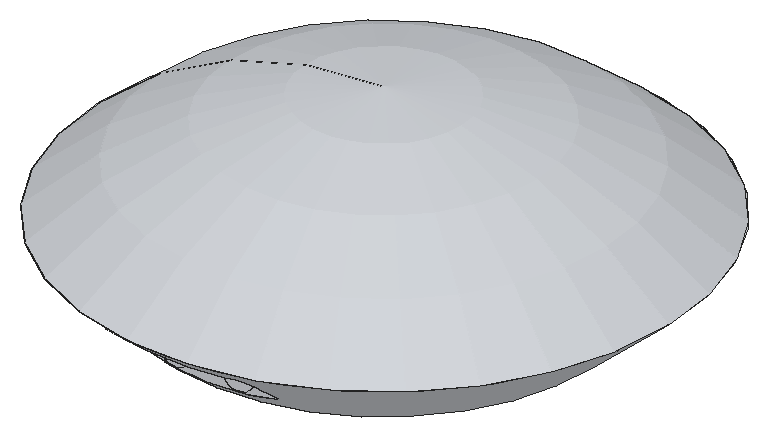
Revit family "0049254 Sylvania Lighting Fixture Start Surface IP66 2400lm 840 IK10 DALI WHT", category Lighting Fixtures, host Face, Revit 2016
Family settings
  Host = Face
  Part Type = Normal
  Round Connector Dimension = Use Diameter
  OmniClass Number = 23.80.70.00
  OmniClass Title = Lighting
  Cut with Voids When Loaded = No
  Light Source = Yes
  Shared = No
  Room Calculation Point = No
Parameters (values of type "Type Name")
  power entry width = 90 mm
  power entry height = 28 mm
  power connector height = 12.5 mm
  power connector centres = 39 mm
  height = 110 mm
  connector position 2 = 40 mm
  connector length = 2 mm
  base height = 40 mm
  backplate diameter = 256 mm
  Weight = ""
  Wattage Comments = ""
  Wattage = 9.2903 W
  WarrantyStartDate [instance] = "n/a"
  WarrantyGuarantorParts = "n/a"
  WarrantyDurationUnit = "n/a"
  WarrantyDurationParts = "n/a"
  WarrantyDescription = "n/a"
  built-in parameter 1150110 = 1 (stored number, unit not read)
  Voltage = 0 V
  URL = "http://www.feilosylvania.com"
  TypeName = ""
  Type Image = <None>
  Type Comments = "n/a"
  Tube Diameter = 80 mm
  built-in parameter 1114217 = 1 (stored number, unit not read)
  Tilt Angle = 90.00°
  built-in parameter 1150109 = 1 (stored number, unit not read)
  built-in parameter 1150134 = 3
  built-in parameter 1150113 = 1 (stored number, unit not read)
  SerialNumber [instance] = "n/a"
  Photometric Web File = "0049254.ies"
  Material_3_FEILO = none
  PowerFactor = 0
  PowerConsumption = ""
  NominalLength = 0 mm
  NominalHeight = 0 mm
  NominalDepth = 0 mm
  Name = ""
  ModelReference = Name  # ""
  ModelNumber = ""
  Model = Name  # ""
  Material = ""
  ManufacturerName = "Feilo Sylvania"
  Manufacturer = "Feilo Sylvania"
  LuminousEfficacy = ""
  built-in parameter 1150105 = 109.82 (stored number, unit not read)
  Lumens = 1380 lm
  LuminaireType = ""
  built-in parameter 1150115 = 1 (stored number, unit not read)
  LightOutputRatio = ""
  built-in parameter 1150137 = (empty or 0)
  built-in parameter 1150139 = (empty or 0)
  LampsType = Lamp  # ""
  LampNominalLuminous = ""
  LampMacAdamStep = ""
  LampColourTemperature = ""
  LampColourRenderingIndex = ""
  built-in parameter 1150112 = 1 (stored number, unit not read)
  built-in parameter 1150114 = 1 (stored number, unit not read)
  Lamp = ""
  Keynote = "16500"
  InstallationDate [instance] = "n/a"
  InputVoltage = ""
  InputNominalFrequency = ""
  built-in parameter 1150132 = (empty or 0)
  built-in parameter 1150102 = (empty or 0)
  built-in parameter 1150107 = 3200 (stored number, unit not read)
  built-in parameter 1150138 = (empty or 0)
  IngressProtection = ""
  ImpactProtectionIndex = ""
  built-in parameter 1150106 = 1.0982 (stored number, unit not read)
  IfcExportType = "IfcLightFixtureType"
  IfcExportAs = "IfcLightFixtureType"
  Height = 250 mm
  ExpectedLife = 50000
  Emit from Circle Diameter = 609.6 mm
  Emit Shape Visible in Rendering = no
  ElectricShockClassification = ""
  built-in parameter 1150104 = 13.8 (stored number, unit not read)
  DurationUnit = "hours"
  DocumentationLiterature = ""
  DimmingControlOptions = ""
  Material_2_FEILO = none
  Dimming Lamp Color Temperature Shift = <None>
  Diameter = 350 mm
  Description = ""
  Default Elevation = 1219.2 mm
  CreatedOn = ""
  CreatedBy = ""
  Cost = 0
  Color Filter = 16777215
  built-in parameter 1114216 [instance] = (empty or 0)
  ClassificationValue = "EF_70_80"
  ClassificationName = "Uniclass2015"
  Material_1_FEILO = none
  BarCode [instance] = "n/a"
  built-in parameter 1114218 = 1 (stored number, unit not read)
  built-in parameter 1150133 = 10 (stored number, unit not read)
  AssetType = ""
  AssetIdentifier [instance] = "n/a"
  Assembly Code = "D5020200"
  Apparent Load = 0 VA
  Material_4_FEILO = none
Reference planes
  plane 1 "Center (Front/Back)": y = 0
  plane 2: z = 0
  plane 3 "Center (Left/Right)": x = 0
  plane 4: z = 0
  plane 5: y = 128
  plane 6: y = -128
  plane 7: y = 175
  plane 8: y = -175
  plane 9: z = 40
  plane 10: z = 110
  plane 11: x = -45.686
  plane 12: x = 44.314
  plane 13: z = 5
  plane 14: z = 33
  plane 15: y = -135
  plane 16: x = 19.5
  plane 17: x = -19.5
  plane 18: z = 20.5
  plane 19: y = -137
  plane 20: y = 135
Forms (mm)
  Blend 1, solid, detail levels medium+fine
    base sketch origin (4.2, 0, 0) x (1, 0, 0) y (0, 1, 0)
      loop
        circle (-4.2, 0) r 128
    top sketch origin (4.2, 0, 0) x (1, 0, 0) y (0, 1, 0)
      loop
        circle (-4.2, 0) r 175
    from 0 to 40
  Revolve 2, solid, detail levels medium+fine
    sketch origin (0, 0, 0) x (1, 0, 0) y (0, 0, 1)
      loop
        arc (175, 40) -> (94.148, 91.621) -> (0, 110) r 257.018
        line (0, 110) -> (0, 40) -> (175, 40)
      axis (0, 110) -> (0, 40)
    angle from -180 to 179.914
  Extrusion 3, void
    sketch origin (0, 0, 0) x (1, 0, 0) y (0, 0, 1)
      loop
        line (-45.686, 25.025) -> (-45.686, 5) -> (44.314, 5) -> (44.314, 25.025)
        arc (44.314, 25.025) -> (42.644, 30.018) -> (38.304, 33) r 8.297
        line (38.304, 33) -> (-39.676, 33)
        arc (-39.676, 33) -> (-44.015, 30.018) -> (-45.686, 25.025) r 8.297
    from 135 to 166.869
  Extrusion 4, solid, detail levels fine
    sketch origin (1524, -324.9, 1219.2) x (1, 0, 0) y (0, 0, 1)
      loop
        circle (-1504.5, -1198.7) r 11
      loop
        circle (-1543.5, -1198.7) r 11
    from -189.9 to -187.9
  Extrusion 5, void
    sketch origin (-0.686, -5.131, 0) x (-1, 0, 0) y (0, 0, 1)
      loop
        line (-45.686, 25.025) -> (-45.686, 5) -> (44.314, 5) -> (44.314, 25.025)
        arc (44.314, 25.025) -> (42.644, 30.018) -> (38.304, 33) r 8.297
        line (38.304, 33) -> (-39.676, 33)
        arc (-39.676, 33) -> (-44.015, 30.018) -> (-45.686, 25.025) r 8.297
    from 140.131 to 175.131
  Extrusion 6, solid
    sketch origin (1524, -52.9, 1219.2) x (1, 0, 0) y (0, 0, 1)
      loop
        circle (-1504.5, -1198.7) r 11
      loop
        circle (-1543.5, -1198.7) r 11
    from -189.9 to -187.9
  Extrusion 7, solid, detail levels coarse
    sketch origin (0, 1219.2, 38) x (1, 0, 0) y (0, 1, 0)
      loop
        line (175.117, -1396.13) -> (175.117, -1044.2) -> (-175, -1044.2) -> (-175, -1396.13) -> (175.117, -1396.13)
    from -38 to 72
Cuts and joins
  Extrusion 3, Extrusion 5 cuts Blend 1
  Extrusion 5 cuts Extrusion 4
Dimensions and locks
  "backplate diameter": plane 5 to plane 6
  equal spacing: plane 5, plane 1 "Center (Front/Back)", plane 6
  "Diameter": plane 7 to plane 8
  equal spacing: plane 7, plane 1 "Center (Front/Back)", plane 8
  "base height": plane 9 to level
  "height": plane 10 to host face
  "power entry width": plane 12 to plane 11
  plane 12 to imposter light to plane 11 = 44.201 mm, 45.799 mm
  "power entry height": plane 14 to plane 13
  "power connector centres": plane 17 to plane 16
  equal spacing: plane 17, plane 3 "Center (Left/Right)", plane 16
  "power connector height": plane 18 to plane 14
  "connector length": plane 15 to plane 19
  "connector position 2": plane 7 to plane 20
  aligned and locked: plane 2 to host face
  aligned and locked: level to host face
  aligned and locked: plane 10 to Extrusion 7
Automatic sketch dimensions
  host sketch curve to host sketch curve = 2438.4 mm  (x2)
  plane 1 "Center (Front/Back)" to Blend 1 sketch curve = 0 mm  (x2)
  Blend 1 sketch curve to plane 3 "Center (Left/Right)" = 0 mm  (x2)
  Revolve 2 sketch curve to plane 3 "Center (Left/Right)" = 0 mm  (x2)
  Revolve 2 sketch curve to plane 9 = 0 mm
  Revolve 2 sketch curve to plane 10 = 0 mm
  Revolve 2 sketch curve to plane 3 "Center (Left/Right)" = 1.306 mm
  plane 3 "Center (Left/Right)" to Revolve 2 sketch curve = 175 mm
  Revolve 2 sketch curve to level = 47.821 mm
  Revolve 2 sketch curve to Revolve 2 sketch curve = 80 mm
  Extrusion 3 sketch curve to plane 11 = 0 mm
  Extrusion 3 sketch curve to plane 14 = 0 mm
  Extrusion 3 sketch curve to plane 12 = 0 mm
  Extrusion 3 sketch curve to plane 13 = 0 mm
  plane 11 to Extrusion 3 sketch curve = 6.01 mm
  plane 18 to Extrusion 3 sketch curve = 4.525 mm  (x2)
  Extrusion 3 sketch curve to Extrusion 3 sketch curve = 8.297 mm
  plane 17 to Extrusion 4 sketch curve = 0 mm
  plane 16 to Extrusion 4 sketch curve = 0 mm
  Extrusion 4 sketch curve to plane 18 = 0 mm  (x2)
  Extrusion 5 sketch curve to plane 13 = 0 mm
  Extrusion 5 sketch curve to plane 14 = 0 mm
  plane 12 to Extrusion 5 sketch curve = 0.686 mm
  Extrusion 5 sketch curve to plane 12 = 5.324 mm
  plane 18 to Extrusion 5 sketch curve = 4.525 mm
  plane 11 to Extrusion 5 sketch curve = 8.982 mm
  plane 11 to Extrusion 5 sketch curve = 6.696 mm
  plane 11 to Extrusion 5 sketch curve = 0.686 mm
  plane 17 to Extrusion 6 sketch curve = 0 mm
  plane 16 to Extrusion 6 sketch curve = 0 mm
  Extrusion 6 sketch curve to plane 18 = 0 mm  (x2)
  Extrusion 7 sketch curve to plane 8 = 1.93 mm
  Extrusion 7 sketch curve to plane 11 = 129.314 mm
  plane 12 to Extrusion 7 sketch curve = 130.802 mm
  plane 5 to Extrusion 7 sketch curve = 47 mm
  radius of Blend 1 sketch curve = 128 mm
  radius of Blend 1 sketch curve = 175 mm
  radius of Extrusion 4 sketch curve = 11 mm  (x2)
  radius of Extrusion 6 sketch curve = 11 mm  (x2)
Connectors
  electrical at (19.5, 137, 20.5)
    settings: on Extrusion 6, index 1, voltage 0 V, apparent load 0 VA, apparent load phase1 0 VA, apparent load phase2 0 VA, apparent load phase3 0 VA, power factor 1, load classification "Other", number of poles 1, system type 31, power factor state 1, is connector primary yes, connector utility no, sub classification motor no, connector description ""
